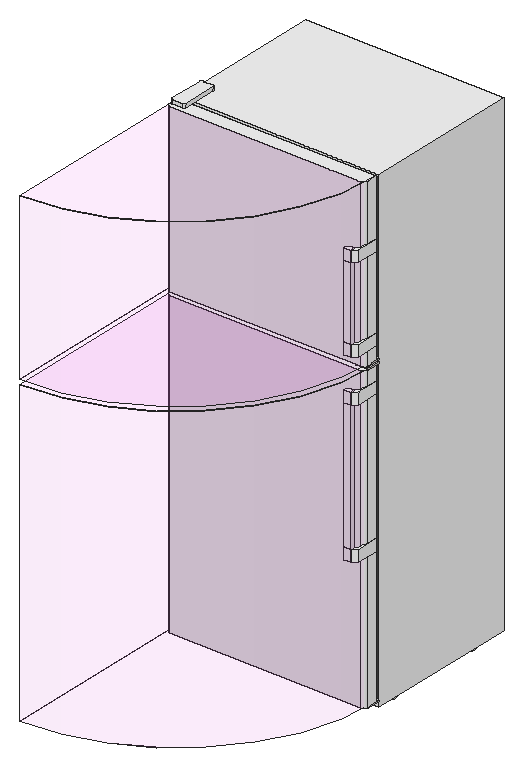
Revit family "QF_Summit_FF1513SS_Refrigerator_Freezer", category Specialty Equipment, Revit 2020
Family settings
  Round Connector Dimension = Use Diameter
  Part Type = Normal
  Work Plane-Based = No
  Always vertical = Yes
  Cut with Voids When Loaded = No
  Shared = No
  Room Calculation Point = No
Parameters
  Weight in Pounds = 185
  Watts = Volts * FL Amps  # 230 W
  Volts = 115 V
  URL Cutsheet = ""
  Specification by User = ""
  Specification by Manufacturer = ""
  Show RHD [instance] = not(Show LHD)  # yes
  Show LHD [instance] = no
  Serial Number = ""
  Seismic Rating = ""
  SMACNA No = ""
  Revision Code = ""
  Refrigerant Volume = 0.00 kip
  Refrigerant Type = "R600a"
  Phase = 1
  Number of Poles = 1
  NAFEM Spec ID Number = ""
  Model = "FF1515W"
  Min Ckt Ampacity = 0 A
  Max Overcurrent Protection = 0 A
  Masterspec = ""
  Manufacturer = "Summit"
  Length = 27 1/2"
  Item Number = ""
  Installed By = ""
  Identify Quantity as Lot = yes
  Height = 67 1/4"
  HP = ""
  Furnished By = ""
  Foodservice Equipment Identifier = yes
  FL Amps = 2 A
  Electrical Remarks = ""
  Electric Connection Type = ""
  Elec Conn RI Height = 0"
  Elec Conn Connection Height = 0"
  Description = "Top Mount Refrigerator Freezer"
  Depth = 26 1/4"
  Default Elevation = 0"
  Cycle = 60 Hz
  Conn Plug = ""
  Conn Conduit = yes
  CSI MasterFormat = ""
  BTUH = 0.0 Btu/h
  Apparent Power = 0 VA
Reference planes (in)
  plane 1 "BACK": y = 0
  plane 2: z = 0
  plane 3 "LEFT": x = 0
  plane 4 "RIGHT": x = 27.5
  plane 5 "FRONT": y = -26.25
  plane 6 "TOP": z = 67.25
  plane 7 "Center Y": x = 13.75
  plane 8 "Center X": y = -13.125
Dimensions and locks (in)
  equal spacing: plane 3 "LEFT", plane 7 "Center Y", plane 4 "RIGHT"
  "Length": plane 3 "LEFT" to plane 4 "RIGHT"
  equal spacing: plane 5 "FRONT", plane 8 "Center X", plane 1 "BACK"
  "Depth": plane 5 "FRONT" to plane 1 "BACK"
  "Height": plane 6 "TOP" to level
  nested 1 to plane 6 "TOP" = 1/2"
  aligned and locked: level to plane 2
Nested families (in)
  nested 1: "FF1513SS" at (0, 0, 0), Show LHD <- "Show LHD", Show RHD <- "Show RHD", type "FF1513SS"
    with Show RHD yes, Show LHD no, Show Clearance yes
Connectors (in)
  electrical at (23.54712, -1.59375, 15.10499), driven by "Volts", driven by "Watts"
    settings: on nested 1, index 1, voltage 115 V, apparent load 230 VA, apparent load phase1 0 VA, apparent load phase2 0 VA, apparent load phase3 0 VA, power factor 1, load classification "Other", number of poles 1, system type 30, power factor state 1, is connector primary yes, connector utility no, sub classification motor no, connector description "ELECTRICAL CONNECTION"
Definition of nested family "FF1513SS"
  Parameters (values of type "FF1513SS")
    Weight in Pounds = 0
    URL Cutsheet = ""
    Specification by User = ""
    Specification by Manufacturer = ""
    Show RHD [instance] = yes
    Show LHD [instance] = yes
    Show Clearance [instance] = yes
    Serial Number = ""
    Seismic Rating = ""
    SMACNA No = ""
    Revision Code = ""
    NAFEM Spec ID Number = ""
    Masterspec = ""
    Length = 27 1/2"
    Item Number = ""
    Installed By = ""
    Identify Quantity as Lot = yes
    Height = 67 1/4"
    Furnished By = ""
    Foodservice Equipment Identifier = yes
    Depth = 26 1/4"
    Default Elevation = 0"
    CSI MasterFormat = ""
  Reference planes (in)
    plane 1 "BACK": y = 0
    plane 2: z = 0
    plane 3 "LEFT": x = 0
    plane 4 "RIGHT": x = 27.5
    plane 5 "FRONT": y = -26.25
    plane 6 "TOP": z = 67.25
    plane 7 "Center Y": x = 13.75
    plane 8 "Center X": y = -13.125
    plane 9: y = -51.375
    plane 10: z = 0.875
    plane 11: z = 67.75
  Forms (in)
    Extrusion 1, solid
      sketch origin (-4.23287, -180, 0.875) x (-1, 0, 0) y (0, -1, 0)
        loop
          line (-4.23287, -178.375) -> (-4.23287, -156.625) -> (-31.73287, -156.625) -> (-31.73287, -178.375) -> (-4.23287, -178.375)
      from 0 to 66.375
    Extrusion 2, solid
      sketch origin (-4.23287, -180, 67.25) x (-1, 0, 0) y (0, -1, 0)
        loop
          line (-4.23287, -156.1626) -> (-4.23287, -154.6636)
          arc (-4.23287, -154.6636) -> (-4.36846, -154.32125) -> (-4.70168, -154.16457) r 0.5
          arc (-4.70168, -154.16457) -> (-17.98287, -153.75) -> (-31.26405, -154.16457) r 212.94342
          arc (-31.26405, -154.16457) -> (-31.59728, -154.32125) -> (-31.73287, -154.6636) r 0.5
          line (-31.73287, -154.6636) -> (-31.73287, -156.1626) -> (-4.23287, -156.1626)
      from 0 to -23
    Extrusion 3, solid
      sketch origin (-7.14863, -180, 43.68942) x (-1, 0, 0) y (0, -1, 0)
        loop
          line (-7.14863, -156.1626) -> (-7.14863, -154.6636)
          arc (-7.14863, -154.6636) -> (-7.28422, -154.32125) -> (-7.61745, -154.16457) r 0.5
          arc (-7.61745, -154.16457) -> (-20.89863, -153.75) -> (-34.17982, -154.16457) r 212.94342
          arc (-34.17982, -154.16457) -> (-34.51304, -154.32125) -> (-34.64863, -154.6636) r 0.5
          line (-34.64863, -154.6636) -> (-34.64863, -156.1626) -> (-7.14863, -156.1626)
      from 0 to -42
    Extrusion 4, solid, visible <- "Show LHD"
      sketch origin (-11.51506, -180, 59.55972) x (-1, 0, 0) y (0, -1, 0)
        loop
          line (-11.51506, -155.875) -> (-11.26506, -155.875) -> (-11.26506, -152.9277) -> (-11.94276, -152.25) -> (-12.89588, -152.25)
          arc (-12.89588, -152.25) -> (-12.69739, -152.7292) -> (-12.21818, -152.9277) r 0.6777
          line (-12.21818, -152.9277) -> (-11.94276, -152.9277) -> (-11.51506, -153.35539) -> (-11.51506, -155.875)
      from 0 to -1.53995
    Extrusion 5, solid, visible <- "Show LHD"
      sketch origin (-2.60867, -180, 47.7855) x (-1, 0, 0) y (0, -1, 0)
        loop
          line (-2.60867, -155.875) -> (-2.35867, -155.875) -> (-2.35867, -152.9277) -> (-3.03637, -152.25) -> (-3.9895, -152.25)
          arc (-3.9895, -152.25) -> (-3.791, -152.7292) -> (-3.3118, -152.9277) r 0.6777
          line (-3.3118, -152.9277) -> (-3.03637, -152.9277) -> (-2.60867, -153.35539) -> (-2.60867, -155.875)
      from 0 to -1.53995
    Extrusion 6, solid, visible <- "Show LHD"
      sketch origin (-11.51506, -180, 20.69028) x (0, 1, 0) y (1, 0, 0)
        loop
          line (155.875, 11.51506) -> (153.35539, 11.51506) -> (152.9277, 11.94276) -> (152.9277, 12.21818)
          arc (152.9277, 12.21818) -> (152.7292, 12.69739) -> (152.25, 12.89588) r 0.6777
          line (152.25, 12.89588) -> (152.25, 11.94276) -> (152.9277, 11.26506) -> (155.875, 11.26506) -> (155.875, 11.51506)
      from 0 to -1.53995
    Extrusion 7, solid, visible <- "Show LHD"
      sketch origin (-2.60867, -180, 40.277) x (0, 1, 0) y (1, 0, 0)
        loop
          line (155.875, 2.60867) -> (153.35539, 2.60867) -> (152.9277, 3.03637) -> (152.9277, 3.3118)
          arc (152.9277, 3.3118) -> (152.7292, 3.791) -> (152.25, 3.9895) r 0.6777
          line (152.25, 3.9895) -> (152.25, 3.03637) -> (152.9277, 2.35867) -> (155.875, 2.35867) -> (155.875, 2.60867)
      from 0 to -1.53995
    Extrusion 8, solid
      sketch origin (-4.23287, -180, 67.25) x (-1, 0, 0) y (0, -1, 0)
        loop
          line (-4.36935, -156.625) -> (-4.36935, -156.1626) -> (-31.63496, -156.1626) -> (-31.63496, -156.625) -> (-4.36935, -156.625)
      from -0.29526 to -22.63586
    Extrusion 9, solid
      sketch origin (-4.23287, -180, 20.75) x (0, 1, 0) y (1, 0, 0)
        loop
          line (156.625, 4.36935) -> (156.625, 31.63496) -> (156.1626, 31.63496) -> (156.1626, 4.36935) -> (156.625, 4.36935)
      from 18.72345 to -22.63586
    Extrusion 10, solid, visible <- "Show LHD"
      sketch origin (25.15505, -180, 67.75) x (-1, 0, 0) y (0, -1, 0)
        loop
          arc (-0.70701, -160.11767) -> (-0.53024, -160.04445) -> (-0.45701, -159.86767) r 0.25
          line (-0.45701, -159.86767) -> (-0.45701, -155.1197)
          arc (-0.45701, -155.1197) -> (-0.53024, -154.94292) -> (-0.70701, -154.8697) r 0.25
          line (-0.70701, -154.8697) -> (-2.09495, -154.8697)
          arc (-2.09495, -154.8697) -> (-2.27173, -154.94292) -> (-2.34495, -155.1197) r 0.25
          line (-2.34495, -155.1197) -> (-2.34495, -159.86767)
          arc (-2.34495, -159.86767) -> (-2.27173, -160.04445) -> (-2.09495, -160.11767) r 0.25
          line (-2.09495, -160.11767) -> (-0.70701, -160.11767)
      from 0 to -0.5
    Extrusion 11, solid
      sketch origin (-4.23287, -180, 44.25) x (0, -1, 0) y (-1, 0, 0)
        loop
          line (-155.1197, -29.84493) -> (-156.625, -29.84493) -> (-156.625, -31.73287) -> (-155.1197, -31.73287)
          arc (-155.1197, -31.73287) -> (-154.94292, -31.65964) -> (-154.8697, -31.48287) r 0.25
          line (-154.8697, -31.48287) -> (-154.8697, -30.09493)
          arc (-154.8697, -30.09493) -> (-154.94292, -29.91815) -> (-155.1197, -29.84493) r 0.25
      from 0 to 0.15722
    Extrusion 12, solid
      sketch origin (-7.14863, -180, 43.68942) x (-1, 0, 0) y (0, -1, 0)
        loop
          arc (-32.76069, -155.1197) -> (-32.83391, -154.94292) -> (-33.01069, -154.8697) r 0.25
          line (-33.01069, -154.8697) -> (-34.39863, -154.8697)
          arc (-34.39863, -154.8697) -> (-34.57541, -154.94292) -> (-34.64863, -155.1197) r 0.25
          line (-34.64863, -155.1197) -> (-34.64863, -156.625) -> (-32.76069, -156.625) -> (-32.76069, -155.1197)
      from 0 to 0.15722
    Extrusion 13, solid
      sketch origin (-7.14863, -180, 1.68942) x (0, 1, 0) y (1, 0, 0)
        loop
          line (155.1197, 32.76069) -> (156.625, 32.76069) -> (156.625, 34.64863) -> (155.1197, 34.64863)
          arc (155.1197, 34.64863) -> (154.94292, 34.57541) -> (154.8697, 34.39863) r 0.25
          line (154.8697, 34.39863) -> (154.8697, 33.01069)
          arc (154.8697, 33.01069) -> (154.94292, 32.83391) -> (155.1197, 32.76069) r 0.25
      from 0 to 0.15722
    Extrusion 14, solid
      sketch origin (-4.23287, -180, 0.875) x (0, -1, 0) y (-1, 0, 0)
        loop
          line (-178.375, -5.47103) -> (-178.83966, -5.47103)
          arc (-178.83966, -5.47103) -> (-179.12982, -5.59122) -> (-179.25, -5.88137) r 0.41034
          line (-179.25, -5.88137) -> (-179.25, -30.20465)
          arc (-179.25, -30.20465) -> (-179.15367, -30.43721) -> (-178.92112, -30.53353) r 0.32888
          line (-178.92112, -30.53353) -> (-178.375, -30.53353) -> (-178.375, -5.47103)
      from -1.15155 to -11.125
    Extrusion 15, solid
      sketch origin (-240, 9.27289, 3.18477) x (0, 1, 0) y (-1, 0, 0)
        loop
          arc (-9.27289, -258.021) -> (-9.34611, -257.84423) -> (-9.52289, -257.771) r 0.25
          line (-9.52289, -257.771) -> (-10.02289, -257.771) -> (-10.02289, -262.6552) -> (-9.52289, -262.6552)
          arc (-9.52289, -262.6552) -> (-9.34611, -262.58198) -> (-9.27289, -262.4052) r 0.25
          line (-9.27289, -262.4052) -> (-9.27289, -258.021)
      from 0 to 4.10827
    Extrusion 16, solid
      sketch origin (0, -1.625, 0.875) x (1, 0, 0) y (0, 0, -1)
        loop
          circle (23.54712, -14.22999) r 0.25
      from 0 to 0.03125
    Extrusion 17, solid, visible <- "Show LHD"
      sketch origin (-7.14863, -180, 1.68942) x (0, -1, 0) y (-1, 0, 0)
        loop
          line (-156.1626, -7.14866) -> (-156.1626, -34.64863) -> (-128.625, -34.64863)
          arc (-128.625, -34.64863) -> (-136.69286, -15.1899) -> (-156.1626, -7.14866) r 27.5
      from 0 to -42
    Extrusion 18, solid, visible <- "Show LHD"
      sketch origin (-4.23287, -180, 44.25) x (0, -1, 0) y (-1, 0, 0)
        loop
          line (-156.16202, -4.23201) -> (-156.1626, -31.73287) -> (-128.62295, -31.73287)
          arc (-128.62295, -31.73287) -> (-136.69128, -12.27331) -> (-156.16202, -4.23201) r 27.50088
      from 0 to -23
    Extrusion 19, solid, visible <- "Show LHD"
      sketch origin (-11.51506, -180, 20.69028) x (-1, 0, 0) y (0, 1, 0)
        loop
          line (-11.94276, 152.25) -> (-11.94276, 152.9277) -> (-12.21818, 152.9277)
          arc (-12.21818, 152.9277) -> (-12.69739, 152.7292) -> (-12.89588, 152.25) r 0.6777
          line (-12.89588, 152.25) -> (-11.94276, 152.25)
      from 0 to -21.12667
    Extrusion 20, solid, visible <- "Show LHD"
      sketch origin (-11.51506, -180, 59.55972) x (-1, 0, 0) y (0, -1, 0)
        loop
          line (-11.94276, -152.25) -> (-12.89588, -152.25)
          arc (-12.89588, -152.25) -> (-12.69739, -152.7292) -> (-12.21818, -152.9277) r 0.6777
          line (-12.21818, -152.9277) -> (-11.94276, -152.9277) -> (-11.94276, -152.25)
      from 0 to -13.31417
    Revolve 21, solid
      sketch origin (-240, -19.375, 7.75124) x (0, 0, 1) y (-1, 0, 0)
        loop
          line (-6.87624, -241.75) -> (-7.75124, -241.75) -> (-7.75124, -242.75) -> (-7.50124, -242.75) -> (-7.50124, -242) -> (-6.87624, -242) -> (-6.87624, -241.75)
        axis (-7.75124, -241.75) -> (-6.87624, -241.75)
      angle from 0 to 360
    Revolve 22, solid
      sketch origin (-240, -19.375, 7.75124) x (0, 0, 1) y (-1, 0, 0)
        loop
          line (-6.87624, -265.75) -> (-6.87624, -265.5) -> (-7.50124, -265.5) -> (-7.50124, -264.75) -> (-7.75124, -264.75) -> (-7.75124, -265.75) -> (-6.87624, -265.75)
        axis (-7.75124, -265.75) -> (-6.87624, -265.75)
      angle from 0 to 360
    Revolve 23, solid
      sketch origin (-240, -5.625, 7.75124) x (0, 0, 1) y (1, 0, 0)
        loop
          line (-6.87624, 241.75) -> (-6.87624, 242) -> (-7.50124, 242) -> (-7.50124, 242.75) -> (-7.75124, 242.75) -> (-7.75124, 241.75) -> (-6.87624, 241.75)
        axis (-7.75124, 241.75) -> (-6.87624, 241.75)
      angle from 0 to 360
    Revolve 24, solid
      sketch origin (-240, -5.625, 7.75124) x (0, 0, 1) y (1, 0, 0)
        loop
          line (-6.87624, 265.75) -> (-7.75124, 265.75) -> (-7.75124, 264.75) -> (-7.50124, 264.75) -> (-7.50124, 265.5) -> (-6.87624, 265.5) -> (-6.87624, 265.75)
        axis (-7.75124, 265.75) -> (-6.87624, 265.75)
      angle from 0 to 360
    Extrusion 25, solid, visible <- "Show RHD"
      sketch origin (34.64863, -180, 1.68942) x (0, 1, 0) y (1, 0, 0)
        loop
          arc (156.1626, -7.14866) -> (136.69286, -15.1899) -> (128.625, -34.64863) r 27.5
          line (128.625, -34.64863) -> (156.1626, -34.64863) -> (156.1626, -7.14866)
      from 0 to -42
    Extrusion 26, solid, visible <- "Show RHD"
      sketch origin (31.73287, -180, 44.25) x (0, 1, 0) y (1, 0, 0)
        loop
          arc (156.16202, -4.23201) -> (136.69128, -12.27331) -> (128.62295, -31.73287) r 27.50088
          line (128.62295, -31.73287) -> (156.1626, -31.73287) -> (156.16202, -4.23201)
      from 0 to -23
    Extrusion 27, solid, visible <- "Show RHD"
      sketch origin (39.01506, -180, 59.55972) x (1, 0, 0) y (0, 1, 0)
        loop
          line (-11.51506, 155.875) -> (-11.51506, 153.35539) -> (-11.94276, 152.9277) -> (-12.21818, 152.9277)
          arc (-12.21818, 152.9277) -> (-12.69739, 152.7292) -> (-12.89588, 152.25) r 0.6777
          line (-12.89588, 152.25) -> (-11.94276, 152.25) -> (-11.26506, 152.9277) -> (-11.26506, 155.875) -> (-11.51506, 155.875)
      from 0 to -1.53995
    Extrusion 28, solid, visible <- "Show RHD"
      sketch origin (30.10867, -180, 47.7855) x (1, 0, 0) y (0, 1, 0)
        loop
          line (-2.60867, 155.875) -> (-2.60867, 153.35539) -> (-3.03637, 152.9277) -> (-3.3118, 152.9277)
          arc (-3.3118, 152.9277) -> (-3.791, 152.7292) -> (-3.9895, 152.25) r 0.6777
          line (-3.9895, 152.25) -> (-3.03637, 152.25) -> (-2.35867, 152.9277) -> (-2.35867, 155.875) -> (-2.60867, 155.875)
      from 0 to -1.53995
    Extrusion 29, solid, visible <- "Show RHD"
      sketch origin (39.01506, -180, 20.69028) x (0, -1, 0) y (-1, 0, 0)
        loop
          line (-155.875, 11.51506) -> (-155.875, 11.26506) -> (-152.9277, 11.26506) -> (-152.25, 11.94276) -> (-152.25, 12.89588)
          arc (-152.25, 12.89588) -> (-152.7292, 12.69739) -> (-152.9277, 12.21818) r 0.6777
          line (-152.9277, 12.21818) -> (-152.9277, 11.94276) -> (-153.35539, 11.51506) -> (-155.875, 11.51506)
      from 0 to -1.53995
    Extrusion 30, solid, visible <- "Show RHD"
      sketch origin (30.10867, -180, 40.277) x (0, -1, 0) y (-1, 0, 0)
        loop
          line (-155.875, 2.60867) -> (-155.875, 2.35867) -> (-152.9277, 2.35867) -> (-152.25, 3.03637) -> (-152.25, 3.9895)
          arc (-152.25, 3.9895) -> (-152.7292, 3.791) -> (-152.9277, 3.3118) r 0.6777
          line (-152.9277, 3.3118) -> (-152.9277, 3.03637) -> (-153.35539, 2.60867) -> (-155.875, 2.60867)
      from 0 to -1.53995
    Extrusion 31, solid, visible <- "Show RHD"
      sketch origin (39.01506, -180, 20.69028) x (1, 0, 0) y (0, -1, 0)
        loop
          line (-11.94276, -152.25) -> (-12.89588, -152.25)
          arc (-12.89588, -152.25) -> (-12.69739, -152.7292) -> (-12.21818, -152.9277) r 0.6777
          line (-12.21818, -152.9277) -> (-11.94276, -152.9277) -> (-11.94276, -152.25)
      from 0 to -21.12667
    Extrusion 32, solid, visible <- "Show RHD"
      sketch origin (39.01506, -180, 59.55972) x (1, 0, 0) y (0, 1, 0)
        loop
          line (-11.94276, 152.25) -> (-11.94276, 152.9277) -> (-12.21818, 152.9277)
          arc (-12.21818, 152.9277) -> (-12.69739, 152.7292) -> (-12.89588, 152.25) r 0.6777
          line (-12.89588, 152.25) -> (-11.94276, 152.25)
      from 0 to -13.31417
    Extrusion 33, solid, visible <- "Show RHD"
      sketch origin (2.34495, -180, 67.75) x (1, 0, 0) y (0, 1, 0)
        loop
          line (-0.70701, 160.11767) -> (-2.09495, 160.11767)
          arc (-2.09495, 160.11767) -> (-2.27173, 160.04445) -> (-2.34495, 159.86767) r 0.25
          line (-2.34495, 159.86767) -> (-2.34495, 155.1197)
          arc (-2.34495, 155.1197) -> (-2.27173, 154.94292) -> (-2.09495, 154.8697) r 0.25
          line (-2.09495, 154.8697) -> (-0.70701, 154.8697)
          arc (-0.70701, 154.8697) -> (-0.53024, 154.94292) -> (-0.45701, 155.1197) r 0.25
          line (-0.45701, 155.1197) -> (-0.45701, 159.86767)
          arc (-0.45701, 159.86767) -> (-0.53024, 160.04445) -> (-0.70701, 160.11767) r 0.25
      from 0 to -0.5
  Cuts and joins
    joined: Extrusion 4, Extrusion 5, Extrusion 6, Extrusion 7, Extrusion 19, Extrusion 20
    joined: Extrusion 1, Extrusion 14, Extrusion 15, Extrusion 16
  Lines and regions (in)
    symbolic lines
      curve 1: line (0, -1.625, 0) -> (0, -23.375, 0)
      curve 2: line (27.5, -25.3364, 0) -> (27.5, -1.625, 0)
      curve 3: line (27.5, -1.625, 0) -> (0, -1.625, 0)
      curve 14: line (0, -23.8374, 0) -> (0, -25.3364, 0)
      curve 15: arc (0, -25.3364, 0) -> (0.13559, -25.67875, 0) -> (0.46882, -25.83543, 0) r 0.5
      curve 16: arc (0.46882, -25.83543, 0) -> (13.75, -26.25, 0) -> (27.03118, -25.83543, 0) r 212.94342
      curve 17: arc (27.03118, -25.83543, 0) -> (27.36441, -25.67875, 0) -> (27.5, -25.3364, 0) r 0.5
      curve 29: line (1.23817, -1.16034, 0) -> (1.23817, -1.625, 0)
      curve 30: arc (1.23817, -1.16034, 0) -> (1.35835, -0.87018, 0) -> (1.6485, -0.75, 0) r 0.41034
      curve 31: line (25.97178, -0.75, 0) -> (1.6485, -0.75, 0)
      curve 32: line (26.30067, -1.625, 0) -> (26.30067, -1.07888, 0)
      curve 33: arc (25.97178, -0.75, 0) -> (26.20434, -0.84633, 0) -> (26.30067, -1.07888, 0) r 0.32888
      curve 34: line (22.6552, -0.75, 0) -> (22.6552, -0.25, 0)
      curve 35: arc (22.6552, -0.25, 0) -> (22.58198, -0.07322, 0) -> (22.4052, 0, 0) r 0.25
      curve 36: line (22.4052, 0, 0) -> (18.021, 0, 0)
      curve 37: arc (18.021, 0, 0) -> (17.84423, -0.07322, 0) -> (17.771, -0.25, 0) r 0.25
      curve 38: line (17.771, -0.25, 0) -> (17.771, -0.75, 0)
    symbolic lines, visible <- "Show LHD"
      curve 4: line (0.13648, -23.375, 0) -> (0.13648, -23.8374, 0)
      curve 5: arc (27.5, -20.13233, 0) -> (27.42678, -19.95555, 0) -> (27.25, -19.88233, 0) r 0.25
      curve 6: line (27.25, -19.88233, 0) -> (25.86206, -19.88233, 0)
      curve 7: arc (25.86206, -19.88233, 0) -> (25.68528, -19.95555, 0) -> (25.61206, -20.13233, 0) r 0.25
      curve 8: line (25.61206, -20.13233, 0) -> (25.61206, -24.8803, 0)
      curve 9: arc (25.61206, -24.8803, 0) -> (25.68528, -25.05708, 0) -> (25.86206, -25.1303, 0) r 0.25
      curve 10: line (25.86206, -25.1303, 0) -> (27.25, -25.1303, 0)
      curve 11: arc (27.25, -25.1303, 0) -> (27.42678, -25.05708, 0) -> (27.5, -24.8803, 0) r 0.25
      curve 12: line (0, -23.375, 0) -> (25.61206, -23.375, 0)
      curve 13: line (25.61206, -23.8374, 0) -> (0, -23.8374, 0)
      curve 18: arc (3.66677, -37.59752, 0) -> (0.92679, -30.95873, 0) -> (-0.00085, -23.83691, 0) r 27.50088
      curve 19: line (27.5, -23.8374, 0) -> (3.66677, -37.59752, 0)
      curve 20: line (0, -24.125, 0) -> (-0.25, -24.125, 0)
      curve 21: line (0, -26.64461, 0) -> (0, -24.125, 0)
      curve 22: line (0.4277, -27.0723, 0) -> (0, -26.64461, 0)
      curve 23: line (0.70313, -27.0723, 0) -> (0.4277, -27.0723, 0)
      curve 24: arc (1.38082, -27.75, 0) -> (1.18233, -27.2708, 0) -> (0.70313, -27.0723, 0) r 0.6777
      curve 25: line (0.4277, -27.75, 0) -> (1.38082, -27.75, 0)
      curve 26: line (0.4277, -27.0723, 0) -> (0.4277, -27.75, 0)
      curve 27: line (-0.25, -27.0723, 0) -> (0.4277, -27.75, 0)
      curve 28: line (-0.25, -24.125, 0) -> (-0.25, -27.0723, 0)
    symbolic lines, visible <- "Show RHD"
      curve 39: arc (23.83323, -37.59752, 0) -> (26.57307, -30.95925, 0) -> (27.50085, -23.83798, 0) r 27.50088
      curve 40: line (-0.00085, -23.83691, 0) -> (23.83323, -37.59752, 0)
      curve 41: line (27.5, -24.125, 0) -> (27.75, -24.125, 0)
      curve 42: line (27.5, -26.64461, 0) -> (27.5, -24.125, 0)
      curve 43: line (27.0723, -27.0723, 0) -> (27.5, -26.64461, 0)
      curve 44: line (26.79687, -27.0723, 0) -> (27.0723, -27.0723, 0)
      curve 45: arc (26.11918, -27.75, 0) -> (26.31767, -27.2708, 0) -> (26.79687, -27.0723, 0) r 0.6777
      curve 46: line (27.0723, -27.75, 0) -> (26.11918, -27.75, 0)
      curve 47: line (27.0723, -27.0723, 0) -> (27.0723, -27.75, 0)
      curve 48: line (27.75, -27.0723, 0) -> (27.0723, -27.75, 0)
      curve 49: line (27.75, -24.125, 0) -> (27.75, -27.0723, 0)
      curve 50: arc (0, -20.13233, 0) -> (0.07322, -19.95555, 0) -> (0.25, -19.88233, 0) r 0.25
      curve 51: line (0.25, -19.88233, 0) -> (1.63794, -19.88233, 0)
      curve 52: arc (1.63794, -19.88233, 0) -> (1.81472, -19.95555, 0) -> (1.88794, -20.13233, 0) r 0.25
      curve 53: line (1.88794, -20.13233, 0) -> (1.88794, -24.8803, 0)
      curve 54: arc (1.88794, -24.8803, 0) -> (1.81472, -25.05708, 0) -> (1.63794, -25.1303, 0) r 0.25
      curve 55: line (1.63794, -25.1303, 0) -> (0.25, -25.1303, 0)
      curve 56: arc (0.25, -25.1303, 0) -> (0.07322, -25.05708, 0) -> (0, -24.8803, 0) r 0.25
      curve 57: line (27.36352, -23.375, 0) -> (27.36352, -23.8374, 0)
      curve 58: line (27.5, -23.375, 0) -> (1.88794, -23.375, 0)
      curve 59: line (1.88794, -23.8374, 0) -> (27.5, -23.8374, 0)
  Dimensions and locks (in)
    equal spacing: plane 3 "LEFT", plane 7 "Center Y", plane 4 "RIGHT"
    "Length": plane 3 "LEFT" to plane 4 "RIGHT"
    equal spacing: plane 5 "FRONT", plane 8 "Center X", plane 1 "BACK"
    "Depth": plane 5 "FRONT" to plane 1 "BACK"
    "Height": plane 6 "TOP" to level
    plane 1 "BACK" to plane 9 = 51 3/8"
    aligned and locked: level to plane 2
  Automatic sketch dimensions
    Extrusion 1 sketch curve to plane 4 "RIGHT" = 0"
    Extrusion 1 sketch curve to plane 3 "LEFT" = 0"
    plane 1 "BACK" to Extrusion 1 sketch curve = 1 5/8"
    Extrusion 1 sketch curve to plane 5 "FRONT" = 2 7/8"
    Extrusion 2 sketch curve to Extrusion 1 = 0"  (x2)
    Extrusion 2 sketch curve to Extrusion 1 = 1/2"  (x2)
    Extrusion 2 sketch curve to Extrusion 1 = 13 3/4"
    Extrusion 1 to Extrusion 2 sketch curve = 188.31842"
    Extrusion 1 to Extrusion 2 sketch curve = 0.4624"
    Extrusion 2 sketch curve to Extrusion 2 sketch curve = 1.499"  (x2)
    Extrusion 2 sketch curve to Extrusion 2 sketch curve = 0"
    Extrusion 3 sketch curve to plane 4 "RIGHT" = 0"
    Extrusion 3 sketch curve to plane 7 "Center Y" = 0"
    Extrusion 3 sketch curve to plane 3 "LEFT" = 0"
    plane 4 "RIGHT" to Extrusion 3 sketch curve = 1/2"
    Extrusion 3 sketch curve to Extrusion 3 sketch curve = 1/2"
    Extrusion 3 sketch curve to plane 1 "BACK" = 186.69342"
    Extrusion 3 sketch curve to plane 5 "FRONT" = 2.4126"
    Extrusion 3 sketch curve to plane 5 "FRONT" = 0.9136"  (x2)
    Extrusion 3 sketch curve to Extrusion 3 sketch curve = 0"
    Extrusion 4 sketch curve to plane 3 "LEFT" = 0"
    plane 3 "LEFT" to Extrusion 4 sketch curve = 0.4277"  (x2)
    Extrusion 4 sketch curve to Extrusion 4 sketch curve = 0.27543"
    Extrusion 4 sketch curve to Extrusion 4 sketch curve = 0.6777"
    Extrusion 4 sketch curve to plane 3 "LEFT" = 1/4"
    Extrusion 4 sketch curve to plane 5 "FRONT" = 2 1/8"
    plane 5 "FRONT" to Extrusion 4 sketch curve = 0.39461"
    plane 5 "FRONT" to Extrusion 4 sketch curve = 0.8223"
    Extrusion 4 sketch curve to Extrusion 4 sketch curve = 0.4277"
    Extrusion 5 sketch curve to plane 3 "LEFT" = 0"
    plane 3 "LEFT" to Extrusion 5 sketch curve = 0.4277"  (x2)
    Extrusion 5 sketch curve to Extrusion 5 sketch curve = 0.27543"
    Extrusion 5 sketch curve to Extrusion 5 sketch curve = 0.6777"
    Extrusion 5 sketch curve to plane 3 "LEFT" = 1/4"
    Extrusion 5 sketch curve to plane 5 "FRONT" = 2 1/8"
    plane 5 "FRONT" to Extrusion 5 sketch curve = 0.39461"
    plane 5 "FRONT" to Extrusion 5 sketch curve = 0.8223"
    Extrusion 5 sketch curve to Extrusion 5 sketch curve = 0.4277"
    Extrusion 6 sketch curve to plane 3 "LEFT" = 0"
    plane 3 "LEFT" to Extrusion 6 sketch curve = 0.4277"
    plane 5 "FRONT" to Extrusion 6 sketch curve = 1 1/2"
    Extrusion 6 sketch curve to plane 3 "LEFT" = 1/4"
    plane 5 "FRONT" to Extrusion 6 sketch curve = 0.8223"
    Extrusion 6 sketch curve to Extrusion 6 sketch curve = 0.6777"
    plane 5 "FRONT" to Extrusion 6 sketch curve = 0.39461"
    Extrusion 6 sketch curve to plane 5 "FRONT" = 2 1/8"
    plane 3 "LEFT" to Extrusion 6 sketch curve = 45/64"
    Extrusion 6 sketch curve to Extrusion 6 sketch curve = 0.27543"
    Extrusion 7 sketch curve to plane 3 "LEFT" = 0"
    plane 3 "LEFT" to Extrusion 7 sketch curve = 0.4277"
    plane 5 "FRONT" to Extrusion 7 sketch curve = 1 1/2"
    Extrusion 7 sketch curve to plane 3 "LEFT" = 1/4"
    plane 5 "FRONT" to Extrusion 7 sketch curve = 0.8223"
    Extrusion 7 sketch curve to Extrusion 7 sketch curve = 0.6777"
    plane 5 "FRONT" to Extrusion 7 sketch curve = 0.39461"
    Extrusion 7 sketch curve to plane 5 "FRONT" = 2 1/8"
    plane 3 "LEFT" to Extrusion 7 sketch curve = 45/64"
    Extrusion 7 sketch curve to Extrusion 7 sketch curve = 0.27543"
    Extrusion 8 sketch curve to Extrusion 2 = 0"
    Extrusion 8 sketch curve to Extrusion 2 = 0.09791"
    Extrusion 8 sketch curve to Extrusion 2 = 0.13648"
    Extrusion 2 to Extrusion 8 sketch curve = 0.4624"
    plane 3 "LEFT" to Extrusion 9 sketch curve = 0.13648"
    Extrusion 9 sketch curve to plane 5 "FRONT" = 2.4126"
    Extrusion 9 sketch curve to Extrusion 9 sketch curve = 0.4624"
    plane 4 "RIGHT" to Extrusion 9 sketch curve = 0.09791"
    Extrusion 10 sketch curve to plane 4 "RIGHT" = 0"
    plane 4 "RIGHT" to Extrusion 10 sketch curve = 1/4"  (x2)
    Extrusion 10 sketch curve to Extrusion 10 sketch curve = 1.38794"  (x2)
    Extrusion 10 sketch curve to Extrusion 10 sketch curve = 1/4"
    Extrusion 10 sketch curve to plane 5 "FRONT" = 6.36767"
    Extrusion 10 sketch curve to plane 5 "FRONT" = 1.3697"
    Extrusion 11 sketch curve to Extrusion 2 = 0"
    Extrusion 11 sketch curve to Extrusion 2 = 0.4624"
    Extrusion 2 to Extrusion 11 sketch curve = 1.04291"  (x2)
    Extrusion 11 sketch curve to Extrusion 11 sketch curve = 1/4"
    Extrusion 11 sketch curve to Extrusion 11 sketch curve = 1.38794"
    Extrusion 12 sketch curve to Extrusion 3 = 0"
    Extrusion 12 sketch curve to Extrusion 3 = 1/4"
    Extrusion 12 sketch curve to Extrusion 12 sketch curve = 1.38794"
    Extrusion 3 to Extrusion 12 sketch curve = 0.4624"
    Extrusion 12 sketch curve to Extrusion 12 sketch curve = 1/4"
    Extrusion 12 sketch curve to Extrusion 3 = 1.04291"
    Extrusion 13 sketch curve to plane 4 "RIGHT" = 0"
    plane 4 "RIGHT" to Extrusion 13 sketch curve = 1/4"
    Extrusion 13 sketch curve to plane 5 "FRONT" = 1.1197"
    Extrusion 13 sketch curve to Extrusion 13 sketch curve = 1/4"
    Extrusion 13 sketch curve to Extrusion 13 sketch curve = 1.5053"
    Extrusion 13 sketch curve to Extrusion 13 sketch curve = 1.38794"
    Extrusion 1 to Extrusion 14 sketch curve = 0"
    Extrusion 14 sketch curve to Extrusion 1 = 0.46466"
    Extrusion 14 sketch curve to Extrusion 1 = 0.54612"
    Extrusion 14 sketch curve to Extrusion 14 sketch curve = 0.32888"
    Extrusion 1 to Extrusion 14 sketch curve = 1.23817"
    Extrusion 1 to Extrusion 14 sketch curve = 1.52822"
    plane 1 "BACK" to Extrusion 15 sketch curve = 0"
    Extrusion 15 sketch curve to Extrusion 15 sketch curve = 1/4"
    plane 1 "BACK" to Extrusion 15 sketch curve = 1/4"
    Extrusion 15 sketch curve to Extrusion 15 sketch curve = 1/2"
    plane 4 "RIGHT" to Extrusion 15 sketch curve = 4.8448"
    plane 7 "Center Y" to Extrusion 15 sketch curve = 4.271"
    Extrusion 16 sketch curve to Extrusion 1 = 3.95288"
    Extrusion 1 to Extrusion 16 sketch curve = 14.22999"
    Extrusion 3 to Extrusion 17 sketch curve = 0"
    Extrusion 17 sketch curve to Extrusion 3 = 0"
    Extrusion 3 to Extrusion 17 sketch curve = 0.0376"
    Extrusion 17 sketch curve to Extrusion 17 sketch curve = 27 1/2"
    Extrusion 18 sketch curve to Extrusion 2 = 0"
    Extrusion 2 to Extrusion 18 sketch curve = 0"
    Extrusion 2 to Extrusion 18 sketch curve = 0.00058"
    Extrusion 18 sketch curve to Extrusion 18 sketch curve = 0.03877"
    Extrusion 18 sketch curve to Extrusion 18 sketch curve = 27.50088"
    Extrusion 19 sketch curve to Extrusion 6 = 0"
    Extrusion 4 to Extrusion 20 sketch curve = 0"
    Revolve 21 sketch curve to level = 0"  (x2)
    Revolve 21 sketch curve to plane 10 = 0"
    Revolve 21 sketch curve to Revolve 21 sketch curve = 1/4"  (x2)
    plane 3 "LEFT" to Revolve 21 sketch curve = 2 3/4"
    Revolve 21 sketch curve to Revolve 21 sketch curve = 3/4"
    Revolve 21 sketch curve to Revolve 21 sketch curve = 3/16"
    Revolve 21 sketch curve to Revolve 21 sketch curve = 0"
    Revolve 22 sketch curve to level = 0"  (x2)
    Revolve 22 sketch curve to plane 10 = 0"
    Revolve 22 sketch curve to Revolve 22 sketch curve = 1/4"  (x2)
    plane 4 "RIGHT" to Revolve 22 sketch curve = 1 3/4"
    Revolve 22 sketch curve to Revolve 22 sketch curve = 3/4"
    Revolve 22 sketch curve to Revolve 22 sketch curve = 3/16"
    Revolve 22 sketch curve to Revolve 22 sketch curve = 0"
    Revolve 23 sketch curve to level = 0"  (x2)
    Revolve 23 sketch curve to plane 10 = 0"
    Revolve 23 sketch curve to Revolve 23 sketch curve = 1/4"  (x2)
    plane 3 "LEFT" to Revolve 23 sketch curve = 1 3/4"
    Revolve 23 sketch curve to Revolve 23 sketch curve = 3/4"
    Revolve 23 sketch curve to Revolve 23 sketch curve = 3/16"
    Revolve 23 sketch curve to Revolve 23 sketch curve = 0"
    Revolve 24 sketch curve to level = 0"  (x2)
    Revolve 24 sketch curve to plane 10 = 0"
    Revolve 24 sketch curve to Revolve 24 sketch curve = 1/4"  (x2)
    plane 4 "RIGHT" to Revolve 24 sketch curve = 2 3/4"
    Revolve 24 sketch curve to Revolve 24 sketch curve = 3/4"
    Revolve 24 sketch curve to Revolve 24 sketch curve = 3/16"
    Revolve 24 sketch curve to Revolve 24 sketch curve = 0"
    Extrusion 25 sketch curve to Extrusion 3 = 0"
    Extrusion 3 to Extrusion 25 sketch curve = 0"
    Extrusion 3 to Extrusion 25 sketch curve = 0.0376"
    Extrusion 25 sketch curve to Extrusion 25 sketch curve = 27 1/2"
    Extrusion 26 sketch curve to Extrusion 2 = 0"
    Extrusion 2 to Extrusion 26 sketch curve = 27.53965"
    Extrusion 2 to Extrusion 26 sketch curve = 0.03877"
    Extrusion 2 to Extrusion 26 sketch curve = 0.00058"
    Extrusion 2 to Extrusion 26 sketch curve = 0"
    Extrusion 27 sketch curve to plane 4 "RIGHT" = 0"
    plane 4 "RIGHT" to Extrusion 27 sketch curve = 0.4277"  (x2)
    Extrusion 27 sketch curve to Extrusion 27 sketch curve = 0.27543"
    Extrusion 27 sketch curve to Extrusion 27 sketch curve = 0.6777"
    Extrusion 27 sketch curve to plane 4 "RIGHT" = 1/4"
    plane 5 "FRONT" to Extrusion 27 sketch curve = 1 1/2"
    Extrusion 27 sketch curve to Extrusion 27 sketch curve = 0"
    plane 5 "FRONT" to Extrusion 27 sketch curve = 0.39461"
    Extrusion 27 sketch curve to plane 5 "FRONT" = 2 1/8"
    Extrusion 28 sketch curve to plane 4 "RIGHT" = 0"
    plane 4 "RIGHT" to Extrusion 28 sketch curve = 0.4277"  (x2)
    Extrusion 28 sketch curve to Extrusion 28 sketch curve = 0.27543"
    Extrusion 28 sketch curve to Extrusion 28 sketch curve = 0.6777"
    Extrusion 28 sketch curve to plane 4 "RIGHT" = 1/4"
    plane 5 "FRONT" to Extrusion 28 sketch curve = 1 1/2"
    Extrusion 28 sketch curve to Extrusion 28 sketch curve = 0"
    plane 5 "FRONT" to Extrusion 28 sketch curve = 0.39461"
    Extrusion 28 sketch curve to plane 5 "FRONT" = 2 1/8"
    Extrusion 29 sketch curve to plane 4 "RIGHT" = 0"
    Extrusion 29 sketch curve to plane 4 "RIGHT" = 1/4"
    Extrusion 29 sketch curve to plane 5 "FRONT" = 2 1/8"
    plane 5 "FRONT" to Extrusion 29 sketch curve = 0.39461"
    plane 5 "FRONT" to Extrusion 29 sketch curve = 0.8223"
    Extrusion 29 sketch curve to Extrusion 29 sketch curve = 0.4277"
    Extrusion 29 sketch curve to Extrusion 29 sketch curve = 0.6777"
    plane 4 "RIGHT" to Extrusion 29 sketch curve = 0.4277"  (x2)
    Extrusion 29 sketch curve to Extrusion 29 sketch curve = 0.27543"
    Extrusion 30 sketch curve to plane 4 "RIGHT" = 0"
    Extrusion 30 sketch curve to plane 4 "RIGHT" = 1/4"
    Extrusion 30 sketch curve to plane 5 "FRONT" = 2 1/8"
    plane 5 "FRONT" to Extrusion 30 sketch curve = 0.39461"
    plane 5 "FRONT" to Extrusion 30 sketch curve = 0.8223"
    Extrusion 30 sketch curve to Extrusion 30 sketch curve = 0.4277"
    Extrusion 30 sketch curve to Extrusion 30 sketch curve = 0.6777"
    plane 4 "RIGHT" to Extrusion 30 sketch curve = 0.4277"  (x2)
    Extrusion 30 sketch curve to Extrusion 30 sketch curve = 0.27543"
    Extrusion 31 sketch curve to Extrusion 29 = 0"
    Extrusion 32 sketch curve to Extrusion 27 = 0"
    Extrusion 33 sketch curve to plane 3 "LEFT" = 0"
    plane 3 "LEFT" to Extrusion 33 sketch curve = 1/4"  (x2)
    Extrusion 33 sketch curve to Extrusion 33 sketch curve = 1.38794"  (x2)
    Extrusion 33 sketch curve to Extrusion 33 sketch curve = 1/4"
    Extrusion 33 sketch curve to plane 5 "FRONT" = 1.1197"
    Extrusion 33 sketch curve to Extrusion 33 sketch curve = 4.74797"
    curve 21 to plane 3 "LEFT" = 0"
    curve 15 to plane 3 "LEFT" = 0"
    curve 3 to plane 3 "LEFT" = 0"
    curve 39 to plane 3 "LEFT" = 0"
    curve 16 to plane 7 "Center Y" = 0"
    plane 1 "BACK" to curve 36 = 0"
    curve 58 to plane 4 "RIGHT" = 0"
    curve 41 to plane 4 "RIGHT" = 0"
    curve 18 to plane 4 "RIGHT" = 0"
    curve 40 to plane 3 "LEFT" = 0.00085"
    curve 27 to plane 3 "LEFT" = 1/4"
    plane 3 "LEFT" to curve 50 = 1/4"
    plane 3 "LEFT" to curve 56 = 1/4"
    plane 3 "LEFT" to curve 25 = 0.4277"
    curve 56 to curve 15 = 1/4"
    curve 25 to curve 24 = 0.27543"
    plane 3 "LEFT" to curve 29 = 1.23817"
    curve 24 to curve 25 = 0.6777"
    curve 50 to curve 52 = 1.38794"
    curve 15 to curve 55 = 1.13794"
    curve 30 to curve 31 = 0.41034"
    curve 52 to curve 53 = 1/4"
    plane 3 "LEFT" to curve 19 = 3.66677"
    plane 1 "BACK" to curve 38 = 1/4"
    plane 7 "Center Y" to curve 38 = 4.021"
    plane 1 "BACK" to curve 35 = 1/4"
    curve 37 to curve 35 = 4.3842"
    plane 4 "RIGHT" to curve 40 = 3.66677"
    plane 4 "RIGHT" to curve 8 = 1.88794"
    curve 7 to curve 7 = 1/4"
    curve 9 to curve 9 = 1/4"
    plane 4 "RIGHT" to curve 33 = 1.52822"
    plane 4 "RIGHT" to curve 46 = 1.38082"
    curve 33 to curve 32 = 0.32888"
    curve 46 to curve 45 = 0.6777"
    plane 4 "RIGHT" to curve 17 = 1/2"
    curve 45 to curve 46 = 0.27543"
    plane 4 "RIGHT" to curve 11 = 1/4"
    plane 4 "RIGHT" to curve 6 = 1/4"
    curve 41 to plane 4 "RIGHT" = 1/4"
    plane 1 "BACK" to curve 31 = 3/4"
    curve 1 to curve 29 = 0.46466"
    curve 51 to plane 5 "FRONT" = 6.36767"
    curve 6 to plane 5 "FRONT" = 6.36767"
    curve 12 to plane 5 "FRONT" = 2 7/8"
    curve 40 to curve 1 = 0.46191"
    curve 14 to curve 40 = 0.00049"
    curve 39 to curve 13 = 0.03877"
    curve 18 to curve 13 = 0.03877"
    curve 49 to curve 18 = 0.24883"
    curve 20 to curve 39 = 0.24883"
    curve 9 to curve 13 = 1.04291"
    curve 56 to curve 20 = 0.7553"
    curve 14 to curve 56 = 0.20609"
    curve 2 to curve 10 = 0.20609"
    plane 5 "FRONT" to curve 42 = 0.39461"
    plane 5 "FRONT" to curve 21 = 0.39461"
    curve 49 to curve 42 = 0.4277"
    plane 5 "FRONT" to curve 23 = 0.8223"
    curve 43 to curve 42 = 0.4277"
    curve 27 to curve 21 = 0.4277"
    curve 40 to curve 45 = 9.84752"
    curve 16 to plane 1 "BACK" = 186.69342"
    plane 3 "LEFT" to curve 4 = 0.13648"
    curve 16 to curve 15 = 0"
    curve 57 to curve 58 = 0.13648"
    curve 39 to plane 4 "RIGHT" = 0.00085"
    curve 39 to curve 57 = 0.46298"
    curve 39 to curve 59 = 0.00058"
    curve 19 to curve 59 = 0"
    radius of Extrusion 16 sketch curve = 1/4"
    radius of Extrusion 19 sketch curve to Extrusion 6 = 0"
    radius of Extrusion 20 sketch curve to Extrusion 4 = 0"
    radius of Extrusion 31 sketch curve to Extrusion 29 = 0"
    radius of Extrusion 32 sketch curve to Extrusion 27 = 0"
